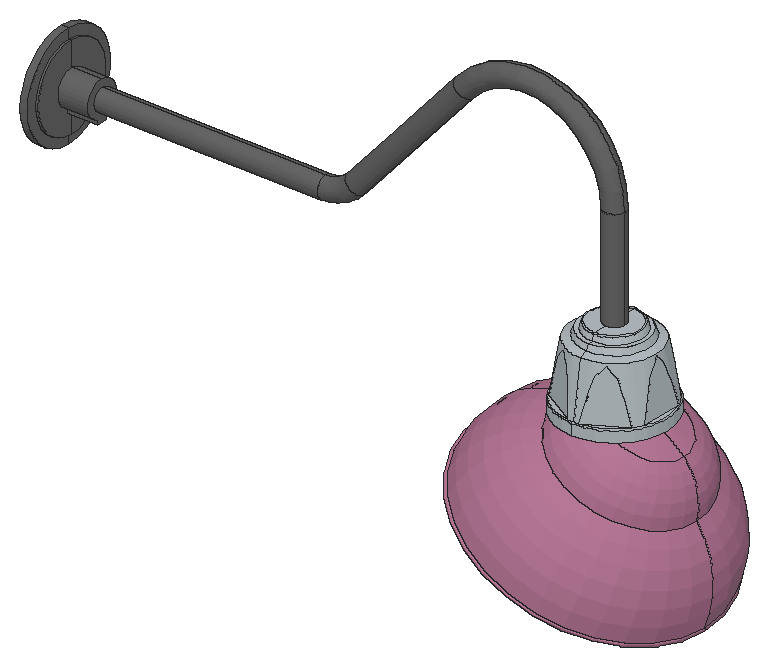
Revit family "Vintage Emblem MU7", category Lighting Fixtures, Revit 2020
Family settings
  Round Connector Dimension = Use Diameter
  Part Type = Normal
  OmniClass Number = 23.80.70.00
  OmniClass Title = Lighting
  Work Plane-Based = No
  Always vertical = Yes
  Cut with Voids When Loaded = No
  Light Source = Yes
  Shared = No
  Room Calculation Point = No
Parameters (values of type "MU712")
  Weight = "3.0 lb"
  Wattage Comments = "200W Max"
  Wattage = 1 W
  Warranty = "5 year limited warranty"  # constant formula
  built-in parameter 1150110 = 1 (stored number, unit not read)
  Voltage = 120 V
  URL = "https://www.anplighting.com/assets/Uploads/product-attachments/specification-sheets/ANP-Specification-Sheet-INC-MU712.pdf"
  built-in parameter 1114217 = 1 (stored number, unit not read)
  Tilt Angle = 90.00°
  built-in parameter 1150109 = 1 (stored number, unit not read)
  built-in parameter 1150134 = 12
  built-in parameter 1150113 = 1 (stored number, unit not read)
  Mounting Option [instance] = 2
  Power Factor = 1
  Post Mount [instance] = Mounting Option = 5  # no
  Placement X axis side [instance] = if(Post Mount, 2' 2 15/32", if(Cord or Stem Mount, 0' 0", if(E36 20 inch, 1' 8 1/4", if(E 6 26 inch, 2' 2", if(E7 41 inch, 3' 5 1/4", 0' 1")))))  # 2' - 2"
  Photometric Web File = "generic.ies"
  Mounting Finish = Putty
  Model = "MU712"
  Manufacturer = "ANP Lighting"  # constant formula
  MU714 = no
  MU712 = yes
  built-in parameter 1150105 = 99.472 (stored number, unit not read)
  Lumens = 1250 lm
  built-in parameter 1150115 = 1 (stored number, unit not read)
  Load Classification = Lighting
  Light Source Height [instance] = 0' - 0 1/2"  # constant formula
  built-in parameter 1150137 = (empty or 0)
  built-in parameter 1150139 = (empty or 0)
  Light Elevation_3 [instance] = 0' - 3"  # constant formula
  Light Elevation _2 [instance] = if(MU712, 0' 11 79/128", if(MU714, 1' 1 21/128", 0' 0"))  # 0' - 11 79/128"
  Light Elevation _1 [instance] = if(Post Mount, 0' 0", if(E7 41 inch, 0' 0", if(E36 20 inch, 0' 1", if(E 6 26 inch, 0' 0.87402", if(Cord or Stem Mount, (0' 3.66142" + Cord Length), 0' 0")))))  # 0' - 0.87402"
  Light Elevation [instance] = if(Post Mount, 14' 0.5315", if(E7 41 inch, 0' 0", 0' 0"))  # 0' - 0"
  Life = "L70 50,000 hours"  # constant formula
  built-in parameter 1150112 = 1 (stored number, unit not read)
  built-in parameter 1150114 = 1 (stored number, unit not read)
  Lamp = "200W MAX INCANDESCENT"
  Inside body material = none
  built-in parameter 1150132 = 2
  built-in parameter 1150102 = (empty or 0)
  built-in parameter 1150107 = 4000 (stored number, unit not read)
  built-in parameter 1150138 = (empty or 0)
  built-in parameter 1150106 = 0.99472 (stored number, unit not read)
  Fixture Height = 1' - 0"
  Fixture Finish = Lilac
  Fixture Diameter = 1' - 0"
  Efficiency = "65-125 lumens per watt"  # constant formula
  built-in parameter 1150104 = 116.13 (stored number, unit not read)
  E7 41 inch [instance] = Mounting Option = 4  # no
  E36 20 inch [instance] = Mounting Option = 3  # no
  E 6 26 inch [instance] = Mounting Option = 2  # yes
  Dimming Lamp Color Temperature Shift = <None>
  Dimming = "1%"  # constant formula
  Description = "120-277 Voltage"  # constant formula
  Default Elevation = 0' - 0"
  Cord or Stem Mount [instance] = Mounting Option = 1  # no
  Cord Length option [instance] = 10
  Cord Length [instance] = if([2' Cord], 2' 0", if([4' Cord], 4' 0", if([8' Cord], 8' 0", if([10' Cord], 10' 0", if([6' Cord], 6' 0", 6' 0")))))  # 10' - 0"
  Construction Material = "Heavy Duty spun aluminum."  # constant formula
  Color Filter = 16777215
  CRI = ">90"  # constant formula
  Body Material = body
  Body Colour = "Spun aluminium"  # constant formula
  built-in parameter 1114218 = 1 (stored number, unit not read)
  built-in parameter 1150133 = 10 (stored number, unit not read)
  Apparent Load = 200 VA
  8' Cord [instance] = Cord Length option = 8  # no
  6' Cord [instance] = Cord Length option = 6  # no
  4' Cord [instance] = Cord Length option = 4  # no
  2' Cord [instance] = Cord Length option = 2  # no
  10' Cord [instance] = Cord Length option = 10  # yes
Types (3): name | Weight | URL | Model | MU714 | MU712 | Light Elevation _2 | Fixture Height | Fixture Diameter
  (no name) | "3.0 lb" | "https://www.anplighting.com/assets/Uploads/product-attachments/specification-sheets/ANP-Specification-Sheet-INC-MU712.pdf" | "MU712" | no | yes | 0' - 11 79/128" | 1' - 0" | 1' - 0"
  MU712 | "3.0 lb" | "https://www.anplighting.com/assets/Uploads/product-attachments/specification-sheets/ANP-Specification-Sheet-INC-MU712.pdf" | "MU712" | no | yes | 0' - 11 79/128" | 1' - 0" | 1' - 0"
  MU714 | "4.0 lb" | "https://www.anplighting.com/assets/Uploads/product-attachments/specification-sheets/ANP-Specification-Sheet-INC-MU714.pdf" | "MU714" | yes | no | 1' - 1 21/128" | 1' - 1" | 1' - 2"
Reference planes (in)
  plane 1 "Light Source Axis (F/B)": y = 0
  plane 2: z = 0
  plane 3 "Light Source Axis (L/R)": x = 0
  plane 4 "Light Source Elevation": z = 0
  plane 5: z = 0
  plane 6: x = 26
  plane 7 "Bulb Position": z = -9.4912
  plane 8 "Canopy Position": z = -0.87402
  plane 9 "IES": z = -9.9912
  plane 10: z = -12.4912
Dimensions and locks (in)
  "Light Elevation": plane 5 to plane 2
  "Placement X axis side": plane 6 to plane 3 "Light Source Axis (L/R)"
  "Light Elevation _1": plane 5 to plane 8 "Canopy Position"
  "Light Source Height": plane 7 "Bulb Position" to plane 9 "IES"
  locked: plane 4 "Light Source Elevation" to plane 2
  "Light Elevation _2": plane 8 "Canopy Position" to plane 10
  "Light Elevation_3": plane 7 "Bulb Position" to plane 10
  aligned and locked: level to plane 2
  aligned and locked: plane 1 "Light Source Axis (F/B)" to nested 5
  aligned and locked: nested 5 to plane 2
  aligned and locked: nested 1 to plane 3 "Light Source Axis (L/R)"
  aligned and locked: plane 3 "Light Source Axis (L/R)" to nested 2
  aligned and locked: plane 3 "Light Source Axis (L/R)" to nested 4
  aligned and locked: nested 3 to plane 5
  aligned and locked: plane 3 "Light Source Axis (L/R)" to nested 3
  aligned and locked: plane 3 "Light Source Axis (L/R)" to nested 5
  aligned and locked: plane 1 "Light Source Axis (F/B)" to nested 2
  aligned and locked: plane 1 "Light Source Axis (F/B)" to nested 1
  aligned and locked: plane 1 "Light Source Axis (F/B)" to nested 4
  aligned and locked: plane 1 "Light Source Axis (F/B)" to nested 3
  aligned and locked: plane 2 to nested 1
  aligned and locked: plane 2 to nested 2
  aligned and locked: nested 4 to plane 2
  aligned and locked: imposter light to plane 9 "IES"
  aligned and locked: plane 6 to imposter light
  aligned and locked: plane 8 "Canopy Position" to nested 6
  aligned and locked: plane 8 "Canopy Position" to nested 7
  aligned and locked: nested 6 to plane 1 "Light Source Axis (F/B)"
  aligned and locked: nested 7 to plane 1 "Light Source Axis (F/B)"
  aligned and locked: nested 6 to plane 6
  aligned and locked: nested 7 to plane 6
Nested families (in)
  nested 1: "CORD OR STEM MOUNT" at (0, 0, -123.67), visible <- "Cord or Stem Mount", Cord or Stem Mount <- "Cord or Stem Mount", Body Material <- "Body Material", Light Elevation <- "Light Elevation", Cord Length <- "Cord Length", 10' Cord <- "10' Cord", 2' Cord <- "2' Cord", 4' Cord <- "4' Cord", 6' Cord <- "6' Cord", 8' Cord <- "8' Cord", type "CORD OR STEM MOUNT"
    with Light Elevation 0' - 0", Cord or Stem Mount no, Cord Length 10' - 0", Body Material body, 8' Cord no, 6' Cord no, 4' Cord no, 2' Cord no, 10' Cord yes
  nested 2: "E6 26 INCH" at (26, 0, 0), visible <- "E 6 26 inch", Chain Length <- "Cord Length", E 6 26 inch <- "E 6 26 inch", Placement X axis side <- "Placement X axis side", Body Material <- "Body Material", Light Elevation <- "Light Elevation", type "E6 26 INCH"
    with Placement X axis side 2' - 2", Light Elevation 0' - 0", E 6 26 inch yes, Chain Length 10' - 0", Body Material body
  nested 3: "E7 41 INCH" at (26, 0, 0), Chain Length <- "Cord Length", visible <- "E7 41 inch", E7 41 inch <- "E7 41 inch", Placement X axis side <- "Placement X axis side", Body Material <- "Body Material", Light Elevation <- "Light Elevation", type "E7 41 INCH"
    with Placement X axis side 2' - 2", Light Elevation 0' - 0", E7 41 inch no, Chain Length 10' - 0", Body Material body
  nested 4: "E36 20 INCH" at (26, 0, 0), visible <- "E36 20 inch", E36 20 inch <- "E36 20 inch", Placement X axis side <- "Placement X axis side", Chain Length <- "Cord Length", Body Material <- "Body Material", Light Elevation <- "Light Elevation", type "E36 20 INCH"
    with Placement X axis side 2' - 2", Light Elevation 0' - 0", E36 20 inch no, Chain Length 10' - 0", Body Material body
  nested 5: "POST MOUNT" at (26, 0, 0), visible <- "Post Mount", Post Mount <- "Post Mount", Placement X axis side <- "Placement X axis side", Chain Length <- "Cord Length", Body Material <- "Body Material", Light Elevation <- "Light Elevation", type "POST MOUNT"
    with Post Mount no, Placement X axis side 2' - 2", Light Elevation 0' - 0", Chain Length 10' - 0", Body Material body
  nested 6: "MU712_1" at (26, 0, -0.87402) x (-1, 0, 0) z (0, 0, 1), MU712 <- "MU712", visible <- "MU712", Fixture Finish <- "Fixture Finish", INSIDE BODY <- "Inside body material", Mounting Finish <- "Mounting Finish", Light Elevation <- "Light Elevation", type "MU712_1"
    with Mounting Finish Putty, MU712 yes, Light Elevation 0' - 0", INSIDE BODY none, Fixture Finish Lilac
  nested 7: "MU714_1" at (26, 0, -0.87402) x (-1, 0, 0) z (0, 0, 1), MU714 <- "MU714", visible <- "MU714", Fixture Finish <- "Fixture Finish", Mounting Finish <- "Mounting Finish", Light Elevation <- "Light Elevation", type "MU714_1"
    with Mounting Finish Putty, MU714 no, Light Elevation 0' - 0", Fixture Finish Lilac
Definition of nested family "E6 26 INCH"
  Parameters (values of type "E6 26 INCH")
    URL = ""
    Placement X axis side [instance] = 2' - 2"
    Model = ""
    Manufacturer = ""
    Light Elevation [instance] = 8' - 4"
    E 6 26 inch [instance] = yes
    Default Elevation = 0' - 0"
    Chain Length [instance] = 0' - 0"
    Body Material [instance] = none
  Reference planes (in)
    plane 1 "Light Source Axis (F/B)": y = 0
    plane 2: z = 0
    plane 3 "Light Source Axis (L/R)": x = 0
    plane 4 "Light Source Elevation": z = 23.125
    plane 5: z = 100
    plane 6: x = -26
    plane 7: z = 99.125
    plane 8: x = -24.12
    plane 9: x = -25.5474
  Forms (in)
    Extrusion 1, void, not visible
      sketch origin (0, 0, 2.38154) x (1, 0, 0) y (0, 0, 1)
        loop
          circle (0, 4.59925) r 0.16583
      from 1.18594 to 1.75
    Extrusion 2, void, not visible
      sketch origin (0, 0, 2.38154) x (0.707107, -0.707107, 0) y (0, 0, 1)
        loop
          circle (0, 4.59925) r 0.16583
      from 1.18594 to 1.75
    Extrusion 3, void, not visible
      sketch origin (0, 0, 2.38154) x (0.707107, 0.707107, 0) y (0, 0, 1)
        loop
          circle (0, 4.59925) r 0.16583
      from 1.18594 to 1.75
    Extrusion 4, void, not visible
      sketch origin (0, 0, 2.38154) x (0, 1, 0) y (0, 0, 1)
        loop
          circle (0, 4.59925) r 0.16583
      from 1.18594 to 1.75
    Extrusion 5, void, not visible
      sketch origin (0, 0, 2.38154) x (-0.707107, 0.707107, 0) y (0, 0, 1)
        loop
          circle (0, 4.59925) r 0.16583
      from 1.18594 to 1.75
    Extrusion 6, void, not visible
      sketch origin (0, 0, 2.38154) x (-1, 0, 0) y (0, 0, 1)
        loop
          circle (0, 4.59925) r 0.20678
      from 1.18594 to 1.75
    Extrusion 7, void, not visible
      sketch origin (0, 0, 2.38154) x (-0.707107, -0.707107, 0) y (0, 0, 1)
        loop
          circle (0, 4.59925) r 0.16583
      from 1.18594 to 1.75
    Extrusion 8, void, not visible
      sketch origin (0, 0, 2.38154) x (0, -1, 0) y (0, 0, 1)
        loop
          circle (0, 4.59925) r 0.16583
      from 1.18594 to 1.75
    Sweep 9, solid, material <- "Body Material", visible <- "E 6 26 inch"
      path origin (-41.25, 0, 168.51693) x (1, 0, 0) y (0, 0, 1)
        loop
          line (17.13, -68.51693) -> (27.68551, -68.51693)
          arc (27.68551, -68.51693) -> (28.47996, -68.34486) -> (29.13202, -67.8595) r 1.92004
          line (29.13202, -67.8595) -> (34.23651, -62.01155)
          arc (34.23651, -62.01155) -> (38.65464, -60.89667) -> (41.25, -64.64193) r 4
          line (41.25, -64.64193) -> (41.25, -69.39193)
      profile origin (-18.84224, 0, 100) x (0, 0, 1) y (0, -1, 0)
        loop
          circle (0, 0) r 0.5
    Revolve 10, solid, material <- "Body Material", visible <- "E 6 26 inch"
      sketch origin (-26, 0, 168.51693) x (1, 0, 0) y (0, 0, 1)
        loop
          line (0, -66.07943) -> (0, -68.51693) -> (1.88, -68.51693) -> (1.88, -67.69272) -> (0.4526, -67.69272) -> (0.4526, -66.54122) -> (0.33125, -66.54122) -> (0.33125, -66.07943) -> (0, -66.07943)
        axis (0, -68.51693) -> (1.88, -68.51693)
      angle from 0 to 360
    Extrusion 11, solid, material <- "Body Material", visible <- "E 6 26 inch"
      sketch origin (-26, 0, 168.51693) x (0, -1, 0) y (0, 0, -1)
        loop
          line (0.25, 68.51693) -> (0.25, 69.51693) -> (-0.25, 69.51693) -> (-0.25, 68.51693) -> (0.25, 68.51693)
      from 0.4526 to 1.88
  Cuts and joins
    joined: Revolve 10, Extrusion 11
  Dimensions and locks (in)
    "Light Elevation": plane 5 to plane 2
    "Placement X axis side": plane 3 "Light Source Axis (L/R)" to plane 6
    locked: plane 5 to plane 7 at 0.875
    Revolve 10 sketch curve to Revolve 10 sketch curve to Revolve 10 sketch curve to plane 6 = 0' - 1.4274" locked, 0' - 0.12135" locked, 0' - 0.33125" locked
    Revolve 10 sketch curve to Revolve 10 sketch curve to Revolve 10 sketch curve to plane 5 = 0' - 0.46179" locked, 0' - 1.1515" locked, 0' - 0 211/256" locked
    locked: Sweep 9 sketch curve to plane 6 at 1.88
    locked: Sweep 9 sketch curve to Sweep 9 sketch curve at 10.55551
    locked: Sweep 9 sketch curve to Sweep 9 sketch curve at 13.56449
    locked: Sweep 9 sketch curve to Sweep 9 sketch curve at 4.75
    locked: plane 9 to plane 6 at 0.4526
    locked: plane 8 to plane 9 at 1.4274
    aligned and locked: level to plane 2
    aligned and locked: Revolve 10 sketch curve to plane 6
    aligned and locked: plane 5 to Revolve 10 sketch curve
    aligned and locked: Revolve 10 sketch curve to plane 5
    aligned and locked: cut or joined group of Revolve 10, Extrusion 11 to plane 9
    aligned and locked: plane 8 to cut or joined group of Revolve 10, Extrusion 11
  Automatic sketch dimensions
    Sweep 9 sketch curve to plane 5 = 0' - 0"
    Sweep 9 sketch curve to Sweep 9 sketch curve = 0' - 4"
    Sweep 9 sketch curve to Sweep 9 sketch curve = 0' - 3.01349"
    plane 5 to Sweep 9 sketch curve = 0' - 0.65743"
    Sweep 9 sketch curve to Sweep 9 sketch curve = 0' - 1.4465"
    Sweep 9 sketch curve to plane 5 = 0' - 0 7/8"
    profile plane to Sweep 9 sketch curve = 0' - 0"
    Sweep 9 sketch curve to profile plane = 0' - 0"
    plane 6 to Revolve 10 sketch curve = 0' - 0.62562"
    Revolve 10 sketch curve to Revolve 10 sketch curve = 0' - 0 1/2"
    Extrusion 11 sketch curve to plane 5 = 0' - 0"
    plane 1 "Light Source Axis (F/B)" to Extrusion 11 sketch curve = 0' - 0 1/4"
    Extrusion 11 sketch curve to plane 1 "Light Source Axis (F/B)" = 0' - 0 1/4"
    plane 5 to Extrusion 11 sketch curve = 0' - 1"
    radius of Sweep 9 sketch curve = 0' - 0 1/2"
Definition of nested family "MU712_1"
  Parameters (values of type "MU712_1")
    Mounting Finish [instance] = none
    MU712 [instance] = yes
    Light Elevation [instance] = 4' - 0"
    INSIDE BODY [instance] = none
    Fixture Finish [instance] = none
    Default Elevation = 0' - 0"
  Reference planes (in)
    plane 1 "Center (Front/Back)": y = 0
    plane 2: z = 0
    plane 3 "Center (Left/Right)": x = 0
    plane 4: z = 48
  Dimensions and locks (in)
    "Light Elevation": plane 4 to plane 2
    aligned and locked: plane 2 to level
    aligned and locked: plane 1 "Center (Front/Back)" to nested 1
    aligned and locked: plane 3 "Center (Left/Right)" to nested 1
    aligned and locked: plane 4 to nested 1
  Nested families (in)
    nested 1: "MU712 Base" at (0, 0, 34.74577), Fixture Finish <- "Fixture Finish", INSIDE BODY <- "INSIDE BODY", Mounting Finish <- "Mounting Finish", visible <- "MU712", type "MU712 Base"
      with Mounting Finish none, MU712 yes, INSIDE BODY none, Fixture Finish none
  Definition of nested family "MU712 Base"
    Parameters (values of type "MU712 Base")
      Mounting Finish [instance] = none
      MU712 [instance] = yes
      INSIDE BODY [instance] = none
      Fixture Finish [instance] = none
      Default Elevation = 0' - 0"
    Reference planes (in)
      plane 1 "Center (Front/Back)": y = 0
      plane 2: z = 0
      plane 3 "Center (Left/Right)": x = 0
      plane 4: through (-4.26014, -180, 1.67427) normal (-0.848, 0, -0.5299)
      plane 5: through (6.2376, -180, 7.03808) normal (0.848, 0, 0.5299)
      plane 6: z = 1.64528
      plane 7: z = 13.25715
    Forms (in)
      Revolve 1, solid, material <- "Fixture Finish", visible <- "MU712"
        sketch origin (69.5339, 0, -41.43351) x (0.891007, 0, 0.45399) y (-0.45399, 0, 0.891007)
          loop
            arc (-38.45124, 77.65359) -> (-39.35322, 77.89397) -> (-40.28369, 77.96858) r 5.18022
            line (-40.28369, 77.96858) -> (-40.28369, 77.87482)
            arc (-40.28369, 77.87482) -> (-39.36957, 77.80165) -> (-38.48345, 77.56554) r 5.08647
            arc (-38.48345, 77.56554) -> (-37.42239, 76.82473) -> (-36.86694, 75.65591) r 2.528
            arc (-36.86694, 75.65591) -> (-35.16869, 74.08012) -> (-34.5645, 71.84358) r 4.19931
            line (-34.5645, 71.84358) -> (-34.47119, 71.84358)
            arc (-34.47119, 71.84358) -> (-34.39307, 71.9217) -> (-34.47119, 71.99983) r 0.07812
            arc (-34.47119, 71.99983) -> (-35.11764, 74.17623) -> (-36.78369, 75.71858) r 4.29306
            arc (-36.78369, 75.71858) -> (-37.36587, 76.9029) -> (-38.45124, 77.65359) r 2.62175
          axis (-40.28369, 71.84358) -> (-40.28369, 77.96858)
        angle from 0 to 360
      Revolve 2, solid, material <- "Mounting Finish", visible <- "MU712"
        sketch origin (0, 11.70542, 2.6102) x (0, 1, 0) y (0, 0, 1)
          loop
            arc (-12.87041, 10.64404) -> (-12.89909, 10.63499) -> (-12.9174, 10.61114) r 0.05
            line (-12.9174, 10.61114) -> (-13.01461, 10.34404) -> (-13.21461, 10.34404) -> (-13.31652, 10.06404) -> (-13.6924, 9.92723) -> (-14.13025, 7.44404) -> (-14.16127, 7.44404)
            arc (-14.16127, 7.44404) -> (-14.1928, 7.42739) -> (-14.20542, 7.39404) r 0.05039
            line (-14.20542, 7.39404) -> (-14.20542, 6.89404) -> (-11.95542, 6.89404) -> (-11.95542, 10.64404) -> (-12.87041, 10.64404)
          axis (-11.70542, 10.64404) -> (-11.70542, 6.89404)
        angle from 0 to 360
      Extrusion 3, void
        sketch origin (11.70542, 0, 2.6102) x (1, 0, 0) y (0, 0, 1)
          loop
            line (-9.24957, 7.44404) -> (-9.24957, 10.19404) -> (-9.7364, 10.19404) -> (-9.4864, 7.44404) -> (-9.24957, 7.44404)
        from -1.03027 to 1.03705
      Extrusion 4, void
        sketch origin (-11.70542, 0.0024, 2.6102) x (-1, 0.000784, 0) y (0, 0, 1)
          loop
            line (-9.24957, 7.44404) -> (-9.24957, 10.19404) -> (-9.7364, 10.19404) -> (-9.4864, 7.44404) -> (-9.24957, 7.44404)
        from -1.03027 to 1.03705
      Extrusion 5, void
        sketch origin (5.85368, 10.13421, 2.6102) x (0.500262, 0.865874, 0) y (0, 0, 1)
          loop
            line (-9.24957, 7.44404) -> (-9.24957, 10.19404) -> (-9.7364, 10.19404) -> (-9.4864, 7.44404) -> (-9.24957, 7.44404)
        from -1.03027 to 1.03705
      Extrusion 6, void
        sketch origin (-5.85996, -10.13543, 2.6102) x (-0.500941, -0.865481, 0) y (0, 0, 1)
          loop
            line (-9.24957, 7.44404) -> (-9.24957, 10.19404) -> (-9.7364, 10.19404) -> (-9.4864, 7.44404) -> (-9.24957, 7.44404)
        from -1.03027 to 1.03705
      Extrusion 7, void
        sketch origin (-5.84989, 10.13882, 2.6102) x (-0.49958, 0.866268, 0) y (0, 0, 1)
          loop
            line (-9.24957, 7.44404) -> (-9.24957, 10.19404) -> (-9.7364, 10.19404) -> (-9.4864, 7.44404) -> (-9.24957, 7.44404)
        from -1.03027 to 1.03705
      Extrusion 8, void
        sketch origin (5.84361, -10.14244, 2.6102) x (0.4989, -0.866659, 0) y (0, 0, 1)
          loop
            line (-9.24957, 7.44404) -> (-9.24957, 10.19404) -> (-9.7364, 10.19404) -> (-9.4864, 7.44404) -> (-9.24957, 7.44404)
        from -1.03027 to 1.03705
      Revolve 9, solid, material <- "INSIDE BODY", visible <- "MU712"
        sketch origin (0, 0, 0) x (1, 0, 0) y (0, 0, 1)
          loop
            line (2.33815, 9.23916) -> (2.33815, 9.13914)
            arc (2.33815, 9.13914) -> (4.4564, 8.57545) -> (5.95994, 6.98042) r 4.00182
            line (5.95994, 6.98042) -> (6.04871, 7.02646)
            arc (6.04871, 7.02646) -> (4.50835, 8.66091) -> (2.33815, 9.23916) r 4.10182
          axis (-0.69484, 7.66607) -> (0.99609, 4.40588)
        angle from 0 to 360
    Cuts and joins
      Extrusion 3, Extrusion 4, Extrusion 5, Extrusion 6, Extrusion 7, Extrusion 8 cuts Revolve 2
    Dimensions and locks (in)
      plane 4 to plane 5 = 0' - 11.74497"
      plane 7 to plane 6 = 0' - 11.61186"
      aligned and locked: plane 2 to level
Definition of nested family "CORD OR STEM MOUNT"
  Parameters (values of type "CORD OR STEM MOUNT")
    URL = ""
    Model = ""
    Manufacturer = ""
    Light Elevation [instance] = 1' - 7.69"
    Default Elevation = 0' - 0"
    Cord or Stem Mount [instance] = yes
    Cord Length [instance] = 6' - 0"
    Body Material [instance] = none
    8' Cord [instance] = no
    6' Cord [instance] = no
    4' Cord [instance] = no
    2' Cord [instance] = no
    10' Cord [instance] = no
  Reference planes (in)
    plane 1 "Light Source Axis (F/B)": y = 0
    plane 2: z = 0
    plane 3 "Light Source Axis (L/R)": x = 0
    plane 4 "Light Source Elevation": z = 23.125
    plane 5: z = 91.69
    plane 6: z = 19.69
  Forms (in)
    Extrusion 1, void, not visible
      sketch origin (0, 0, 2.38154) x (1, 0, 0) y (0, 0, 1)
        loop
          circle (0, 4.59925) r 0.16583
      from 1.18594 to 1.75
    Extrusion 2, void, not visible
      sketch origin (0, 0, 2.38154) x (0.707107, -0.707107, 0) y (0, 0, 1)
        loop
          circle (0, 4.59925) r 0.16583
      from 1.18594 to 1.75
    Extrusion 3, void, not visible
      sketch origin (0, 0, 2.38154) x (0.707107, 0.707107, 0) y (0, 0, 1)
        loop
          circle (0, 4.59925) r 0.16583
      from 1.18594 to 1.75
    Extrusion 4, void, not visible
      sketch origin (0, 0, 2.38154) x (0, 1, 0) y (0, 0, 1)
        loop
          circle (0, 4.59925) r 0.16583
      from 1.18594 to 1.75
    Extrusion 5, void, not visible
      sketch origin (0, 0, 2.38154) x (-0.707107, 0.707107, 0) y (0, 0, 1)
        loop
          circle (0, 4.59925) r 0.16583
      from 1.18594 to 1.75
    Extrusion 6, void, not visible
      sketch origin (0, 0, 2.38154) x (-1, 0, 0) y (0, 0, 1)
        loop
          circle (0, 4.59925) r 0.20678
      from 1.18594 to 1.75
    Extrusion 7, void, not visible
      sketch origin (0, 0, 2.38154) x (-0.707107, -0.707107, 0) y (0, 0, 1)
        loop
          circle (0, 4.59925) r 0.16583
      from 1.18594 to 1.75
    Extrusion 8, void, not visible
      sketch origin (0, 0, 2.38154) x (0, -1, 0) y (0, 0, 1)
        loop
          circle (0, 4.59925) r 0.16583
      from 1.18594 to 1.75
    Revolve 9, solid, material <- "Body Material", visible <- "Cord or Stem Mount"
      sketch origin (0, 0, 174.56698) x (1, 0, 0) y (0, 0, 1)
        loop
          line (2.6875, -79.20698) -> (0, -79.20698) -> (0, -82.87698) -> (0.125, -82.87698) -> (0.125, -82.83698) -> (0.75, -82.83698)
          arc (0.75, -82.83698) -> (0.81694, -82.77004) -> (0.75, -82.7031) r 0.06694
          line (0.75, -82.7031) -> (0.89763, -82.7031) -> (1.00223, -82.5985) -> (1.06587, -82.5985)
          arc (1.06587, -82.5985) -> (1.80099, -82.29401) -> (2.10549, -81.55888) r 1.03962
          line (2.10549, -81.55888) -> (2.10549, -81.03899)
          arc (2.10549, -81.03899) -> (2.12951, -80.981) -> (2.1875, -80.95698) r 0.08201
          line (2.1875, -80.95698) -> (2.1875, -80.70698) -> (2.6875, -80.70698) -> (2.6875, -79.20698)
        axis (0, -79.20698) -> (0, -82.87698)
      angle from 0 to 360
    Revolve 10, solid, material <- "Body Material", visible <- "Cord or Stem Mount"
      sketch origin (0, 0, 0) x (1, 0, 0) y (0, 0, 1)
        loop
          line (0, 91.69) -> (-0.125, 91.69) -> (-0.125, 19.69) -> (0, 19.69) -> (0, 91.69)
        axis (0, 19.69) -> (0, 91.69)
      angle from 0 to 360
  Dimensions and locks (in)
    "Light Elevation": plane 6 to plane 2
    "Cord Length": plane 5 to plane 6
    locked: Revolve 10 sketch curve to Revolve 10 sketch curve at 0.125
    aligned and locked: level to plane 2
    aligned and locked: Revolve 10 sketch curve to plane 3 "Light Source Axis (L/R)"
    aligned and locked: Revolve 10 sketch curve to plane 6
    aligned and locked: Revolve 10 sketch curve to plane 5
    aligned and locked: plane 3 "Light Source Axis (L/R)" to Revolve 10 sketch curve
  Automatic sketch dimensions
    Revolve 9 sketch curve to plane 3 "Light Source Axis (L/R)" = 0' - 0"  (x2)
    Revolve 9 sketch curve to plane 5 = 0' - 0"
    plane 3 "Light Source Axis (L/R)" to Revolve 9 sketch curve = 0' - 0 1/8"
    Revolve 9 sketch curve to plane 5 = 0' - 0.17388"
    Revolve 9 sketch curve to Revolve 9 sketch curve = 0' - 0 5/8"
    Revolve 9 sketch curve to Revolve 9 sketch curve = 0' - 0.14763"
    Revolve 9 sketch curve to plane 5 = 0' - 0.27847"
    Revolve 9 sketch curve to Revolve 9 sketch curve = 0' - 0.1046"
    Revolve 9 sketch curve to Revolve 9 sketch curve = 0' - 0.06364"
    Revolve 9 sketch curve to Revolve 9 sketch curve = 0' - 1.03962"
    Revolve 9 sketch curve to Revolve 9 sketch curve = 0' - 0 21/256"
    Revolve 9 sketch curve to Revolve 9 sketch curve = 0' - 0 1/2"  (x2)
    Revolve 9 sketch curve to Revolve 9 sketch curve = 0' - 0.51989"
    Revolve 9 sketch curve to Revolve 9 sketch curve = 0' - 0 1/4"
    Revolve 9 sketch curve to Revolve 9 sketch curve = 0' - 2.3519"
    Revolve 9 sketch curve to Revolve 9 sketch curve = 0' - 1 1/4"
    Revolve 9 sketch curve to Revolve 9 sketch curve = 0' - 0.04"
    Revolve 10 sketch curve to Revolve 10 sketch curve = 0' - 0 1/2"
    Revolve 10 sketch curve to Revolve 10 sketch curve = 0' - 0.42345"
Definition of nested family "E7 41 INCH"
  Parameters (values of type "E7 41 INCH")
    URL = ""
    Placement X axis side [instance] = 4' - 2"
    Model = ""
    Manufacturer = ""
    Light Elevation [instance] = 8' - 4"
    E7 41 inch [instance] = yes
    Default Elevation = 0' - 0"
    Chain Length [instance] = 0' - 0"
    Body Material [instance] = none
  Reference planes (in)
    plane 1 "Light Source Axis (F/B)": y = 0
    plane 2: z = 0
    plane 3 "Light Source Axis (L/R)": x = 0
    plane 4 "Light Source Elevation": z = 23.125
    plane 5: z = 100
    plane 6: x = -50
  Forms (in)
    Extrusion 1, void, not visible
      sketch origin (0, 0, 2.38154) x (1, 0, 0) y (0, 0, 1)
        loop
          circle (0, 4.59925) r 0.16583
      from 1.18594 to 1.75
    Extrusion 2, void, not visible
      sketch origin (0, 0, 2.38154) x (0.707107, -0.707107, 0) y (0, 0, 1)
        loop
          circle (0, 4.59925) r 0.16583
      from 1.18594 to 1.75
    Extrusion 3, void, not visible
      sketch origin (0, 0, 2.38154) x (0.707107, 0.707107, 0) y (0, 0, 1)
        loop
          circle (0, 4.59925) r 0.16583
      from 1.18594 to 1.75
    Extrusion 4, void, not visible
      sketch origin (0, 0, 2.38154) x (0, 1, 0) y (0, 0, 1)
        loop
          circle (0, 4.59925) r 0.16583
      from 1.18594 to 1.75
    Extrusion 5, void, not visible
      sketch origin (0, 0, 2.38154) x (-0.707107, 0.707107, 0) y (0, 0, 1)
        loop
          circle (0, 4.59925) r 0.16583
      from 1.18594 to 1.75
    Extrusion 6, void, not visible
      sketch origin (0, 0, 2.38154) x (-1, 0, 0) y (0, 0, 1)
        loop
          circle (0, 4.59925) r 0.20678
      from 1.18594 to 1.75
    Extrusion 7, void, not visible
      sketch origin (0, 0, 2.38154) x (-0.707107, -0.707107, 0) y (0, 0, 1)
        loop
          circle (0, 4.59925) r 0.16583
      from 1.18594 to 1.75
    Extrusion 8, void, not visible
      sketch origin (0, 0, 2.38154) x (0, -1, 0) y (0, 0, 1)
        loop
          circle (0, 4.59925) r 0.16583
      from 1.18594 to 1.75
    Revolve 9, solid, material <- "Body Material", visible <- "E7 41 inch"
      sketch origin (-41.25, 0, 168.39193) x (1, 0, 0) y (0, 0, 1)
        loop
          line (-8.75, -66.20443) -> (-8.75, -68.51693) -> (-6.87, -68.51693) -> (-6.87, -67.69272) -> (-8.2974, -67.69272) -> (-8.2974, -66.54122) -> (-8.41875, -66.54122) -> (-8.41875, -66.20443) -> (-8.75, -66.20443)
        axis (-8.75, -68.51693) -> (-6.87, -68.51693)
      angle from 0 to 360
    Extrusion 10, solid, material <- "Body Material", visible <- "E7 41 inch"
      sketch origin (-41.25, 0, 168.39193) x (0, -1, 0) y (0, 0, -1)
        loop
          line (0.25, 68.51693) -> (0.25, 69.51693) -> (-0.25, 69.51693) -> (-0.25, 68.51693) -> (0.25, 68.51693)
      from -8.2974 to -6.87
    Sweep 11, solid, material <- "Body Material", visible <- "E7 41 inch"
      path origin (-41.25, 0, 168.39193) x (1, 0, 0) y (0, 0, 1)
        loop
          line (-6.87, -68.51693) -> (16.04011, -68.51693)
          arc (16.04011, -68.51693) -> (17.864, -68.13651) -> (19.38375, -67.0587) r 4.5625
          line (19.38375, -67.0587) -> (24.70217, -61.33018)
          arc (24.70217, -61.33018) -> (29.64465, -60.20324) -> (32.5, -64.39193) r 4.5
          line (32.5, -64.39193) -> (32.5, -68.39193)
      profile origin (-36.66494, 0, 99.875) x (0, 0, 1) y (0, -1, 0)
        loop
          circle (0, 0) r 0.5
  Dimensions and locks (in)
    "Placement X axis side": plane 3 "Light Source Axis (L/R)" to plane 6
    "Light Elevation": plane 5 to plane 2
    locked: Revolve 9 sketch curve to Revolve 9 sketch curve at 0.33125
    locked: Revolve 9 sketch curve to Revolve 9 sketch curve at 0.4526
    locked: Revolve 9 sketch curve to Revolve 9 sketch curve at 1.88
    locked: Revolve 9 sketch curve to Revolve 9 sketch curve at 0.82421
    locked: Revolve 9 sketch curve to Revolve 9 sketch curve at 1.1515
    locked: Revolve 9 sketch curve to Revolve 9 sketch curve at 0.33679
    locked: plane 5 to Revolve 9 sketch curve at 0.125
    locked: Extrusion 10 sketch curve to Extrusion 10 sketch curve at 0.5
    locked: Extrusion 10 sketch curve to Extrusion 10 sketch curve at 1
    locked: plane 5 to Extrusion 10 sketch curve at 0.125
    locked: plane 5 to Sweep 11 sketch curve at 0.125
    locked: Sweep 11 sketch curve to Sweep 11 sketch curve at 39.37
    locked: Sweep 11 sketch curve to Sweep 11 sketch curve at 4
    locked: plane 6 to Extrusion 10 at 0.4526
    locked: Sweep 11 sketch curve to plane 6 at 1.88
    locked: Extrusion 10 to Extrusion 10 at 1.4274
    aligned and locked: plane 2 to level
    aligned and locked: Revolve 9 sketch curve to plane 6
  Automatic sketch dimensions
    Revolve 9 sketch curve to plane 5 = 0' - 0 1/8"
    plane 6 to Revolve 9 sketch curve = 0' - 0.62562"
    Revolve 9 sketch curve to Revolve 9 sketch curve = 0' - 0 1/2"
    plane 1 "Light Source Axis (F/B)" to Extrusion 10 sketch curve = 0' - 0 1/4"
    Sweep 11 sketch curve to plane 5 = 0' - 0"
    Sweep 11 sketch curve to Sweep 11 sketch curve = 0' - 4 1/2"
    Sweep 11 sketch curve to Sweep 11 sketch curve = 0' - 3.29783"
    plane 5 to Sweep 11 sketch curve = 0' - 1.33323"
    Sweep 11 sketch curve to Sweep 11 sketch curve = 0' - 5.31842"
    Sweep 11 sketch curve to Sweep 11 sketch curve = 0' - 3.34364"
    profile plane to Sweep 11 sketch curve = 0' - 0"
    Sweep 11 sketch curve to profile plane = 0' - 0"
    radius of Sweep 11 sketch curve = 0' - 0 1/2"
Definition of nested family "E36 20 INCH"
  Parameters (values of type "E36 20 INCH")
    URL = ""
    Placement X axis side [instance] = 1' - 8 1/4"
    Model = ""
    Manufacturer = ""
    Light Elevation [instance] = 8' - 4"
    E36 20 inch [instance] = yes
    Default Elevation = 0' - 0"
    Chain Length [instance] = 0' - 0"
    Body Material [instance] = none
  Reference planes (in)
    plane 1 "Light Source Axis (F/B)": y = 0
    plane 2: z = 0
    plane 3 "Light Source Axis (L/R)": x = 0
    plane 4 "Light Source Elevation": z = 23.125
    plane 5: z = 99
    plane 6: x = -20.25
    plane 7: z = 100
    plane 8: x = -18.37008
    plane 9: x = -19.79724
  Forms (in)
    Extrusion 1, void, not visible
      sketch origin (0, 0, 2.38154) x (1, 0, 0) y (0, 0, 1)
        loop
          circle (0, 4.59925) r 0.16583
      from 1.18594 to 1.75
    Extrusion 2, void, not visible
      sketch origin (0, 0, 2.38154) x (0.707107, -0.707107, 0) y (0, 0, 1)
        loop
          circle (0, 4.59925) r 0.16583
      from 1.18594 to 1.75
    Extrusion 3, void, not visible
      sketch origin (0, 0, 2.38154) x (0.707107, 0.707107, 0) y (0, 0, 1)
        loop
          circle (0, 4.59925) r 0.16583
      from 1.18594 to 1.75
    Extrusion 4, void, not visible
      sketch origin (0, 0, 2.38154) x (0, 1, 0) y (0, 0, 1)
        loop
          circle (0, 4.59925) r 0.16583
      from 1.18594 to 1.75
    Extrusion 5, void, not visible
      sketch origin (0, 0, 2.38154) x (-0.707107, 0.707107, 0) y (0, 0, 1)
        loop
          circle (0, 4.59925) r 0.16583
      from 1.18594 to 1.75
    Extrusion 6, void, not visible
      sketch origin (0, 0, 2.38154) x (-1, 0, 0) y (0, 0, 1)
        loop
          circle (0, 4.59925) r 0.20678
      from 1.18594 to 1.75
    Extrusion 7, void, not visible
      sketch origin (0, 0, 2.38154) x (-0.707107, -0.707107, 0) y (0, 0, 1)
        loop
          circle (0, 4.59925) r 0.16583
      from 1.18594 to 1.75
    Extrusion 8, void, not visible
      sketch origin (0, 0, 2.38154) x (0, -1, 0) y (0, 0, 1)
        loop
          circle (0, 4.59925) r 0.16583
      from 1.18594 to 1.75
    Sweep 9, solid, material <- "Body Material", visible <- "E36 20 inch"
      path origin (-41.25, 0, 169.51693) x (1, 0, 0) y (0, 0, 1)
        loop
          line (22.88, -69.51693) -> (28.93827, -69.51693)
          arc (28.93827, -69.51693) -> (29.97705, -69.28152) -> (30.81284, -68.62128) r 2.40953
          line (30.81284, -68.62128) -> (34.13807, -64.50378)
          arc (34.13807, -64.50378) -> (38.58272, -63.24548) -> (41.25, -67.01693) r 4
          line (41.25, -67.01693) -> (41.25, -70.51693)
      profile origin (-15.34086, 0, 100) x (0, 0, 1) y (0, -1, 0)
        loop
          circle (0, 0) r 0.5
    Revolve 10, solid, material <- "Body Material", visible <- "E36 20 inch"
      sketch origin (-20.25, 0, 169.51693) x (1, 0, 0) y (0, 0, 1)
        loop
          line (0, -67.20443) -> (0, -69.51693) -> (1.88, -69.51693) -> (1.88, -68.69272) -> (0.4526, -68.69272) -> (0.4526, -67.54122) -> (0.33125, -67.54122) -> (0.33125, -67.20443) -> (0, -67.20443)
        axis (0, -69.51693) -> (1.88, -69.51693)
      angle from 0 to 360
    Extrusion 11, solid, material <- "Body Material", visible <- "E36 20 inch"
      sketch origin (-20.25, 0, 169.51693) x (0, -1, 0) y (0, 0, -1)
        loop
          line (0.25, 69.51693) -> (0.25, 70.51693) -> (-0.25, 70.51693) -> (-0.25, 69.51693) -> (0.25, 69.51693)
      from 1.87992 to 0.45276
  Cuts and joins
    joined: Revolve 10, Extrusion 11
  Dimensions and locks (in)
    "Light Elevation": plane 7 to plane 2
    "Placement X axis side": plane 3 "Light Source Axis (L/R)" to plane 6
    locked: plane 7 to plane 5 at 1
    Revolve 10 sketch curve to Revolve 10 sketch curve to Revolve 10 sketch curve to plane 7 = 0' - 0.33679" locked, 0' - 1.1515" locked, 0' - 0 211/256" locked
    locked: Sweep 9 sketch curve to plane 6 at 1.88
    locked: Sweep 9 sketch curve to Sweep 9 sketch curve at 6.05827
    locked: Sweep 9 sketch curve to Sweep 9 sketch curve at 12.31173
    locked: Sweep 9 sketch curve to Sweep 9 sketch curve at 3.5
    Revolve 10 sketch curve to Revolve 10 sketch curve to Revolve 10 sketch curve to plane 6 = 0' - 1.4274" locked, 0' - 0.12135" locked, 0' - 0.33125" locked
    locked: plane 9 to plane 6 at 0.45276
    locked: plane 8 to plane 9 at 1.42717
    aligned and locked: level to plane 2
    aligned and locked: plane 7 to Revolve 10 sketch curve
    aligned and locked: Revolve 10 sketch curve to plane 7
    aligned and locked: Revolve 10 sketch curve to plane 6
    aligned and locked: cut or joined group of Revolve 10, Extrusion 11 to plane 9
    aligned and locked: plane 8 to cut or joined group of Revolve 10, Extrusion 11
  Automatic sketch dimensions
    Sweep 9 sketch curve to plane 7 = 0' - 0"
    Sweep 9 sketch curve to plane 5 = 0' - 0"
    Sweep 9 sketch curve to Sweep 9 sketch curve = 0' - 4"
    Sweep 9 sketch curve to plane 7 = 0' - 0.89565"
    Sweep 9 sketch curve to Sweep 9 sketch curve = 0' - 3.32523"
    Sweep 9 sketch curve to Sweep 9 sketch curve = 0' - 1.87457"
    profile plane to Sweep 9 sketch curve = 0' - 0"
    Sweep 9 sketch curve to profile plane = 0' - 0"
    plane 6 to Revolve 10 sketch curve = 0' - 0.62562"
    Revolve 10 sketch curve to Revolve 10 sketch curve = 0' - 0 1/2"
    plane 7 to Extrusion 11 sketch curve = 0' - 0"
    Extrusion 11 sketch curve to plane 5 = 0' - 0"
    plane 1 "Light Source Axis (F/B)" to Extrusion 11 sketch curve = 0' - 0 1/4"
    Extrusion 11 sketch curve to plane 1 "Light Source Axis (F/B)" = 0' - 0 1/4"
    radius of Sweep 9 sketch curve = 0' - 0 1/2"
Definition of nested family "POST MOUNT"
  Parameters (values of type "POST MOUNT")
    URL = ""
    Post Mount [instance] = yes
    Placement X axis side [instance] = 2' - 2 1/2"
    Model = ""
    Manufacturer = ""
    Light Elevation [instance] = 14' - 0.5168"
    Default Elevation = 0' - 0"
    Chain Length [instance] = 0' - 0"
    Body Material [instance] = none
  Reference planes (in)
    plane 1 "Light Source Axis (F/B)": y = 0
    plane 2: z = 0
    plane 3 "Light Source Axis (L/R)": x = 0
    plane 4 "Light Source Elevation": z = 23.125
    plane 5: x = -26.5
    plane 6: z = 168.5168
  Forms (in)
    Extrusion 1, void, not visible
      sketch origin (0, 0, 2.38154) x (1, 0, 0) y (0, 0, 1)
        loop
          circle (0, 4.59925) r 0.16583
      from 1.18594 to 1.75
    Extrusion 2, void, not visible
      sketch origin (0, 0, 2.38154) x (0.707107, -0.707107, 0) y (0, 0, 1)
        loop
          circle (0, 4.59925) r 0.16583
      from 1.18594 to 1.75
    Extrusion 3, void, not visible
      sketch origin (0, 0, 2.38154) x (0.707107, 0.707107, 0) y (0, 0, 1)
        loop
          circle (0, 4.59925) r 0.16583
      from 1.18594 to 1.75
    Extrusion 4, void, not visible
      sketch origin (0, 0, 2.38154) x (0, 1, 0) y (0, 0, 1)
        loop
          circle (0, 4.59925) r 0.16583
      from 1.18594 to 1.75
    Extrusion 5, void, not visible
      sketch origin (0, 0, 2.38154) x (-0.707107, 0.707107, 0) y (0, 0, 1)
        loop
          circle (0, 4.59925) r 0.16583
      from 1.18594 to 1.75
    Extrusion 6, void, not visible
      sketch origin (0, 0, 2.38154) x (-1, 0, 0) y (0, 0, 1)
        loop
          circle (0, 4.59925) r 0.20678
      from 1.18594 to 1.75
    Extrusion 7, void, not visible
      sketch origin (0, 0, 2.38154) x (-0.707107, -0.707107, 0) y (0, 0, 1)
        loop
          circle (0, 4.59925) r 0.16583
      from 1.18594 to 1.75
    Extrusion 8, void, not visible
      sketch origin (0, 0, 2.38154) x (0, -1, 0) y (0, 0, 1)
        loop
          circle (0, 4.59925) r 0.16583
      from 1.18594 to 1.75
    Revolve 9, solid, material <- "Body Material", visible <- "Post Mount"
      sketch origin (-7.90508, 0, 0) x (1, 0, 0) y (0, 0, 1)
        loop
          line (-18.59492, 3.92912) -> (-16.29831, 3.92912) -> (-16.29831, 4.2668) -> (-16.91413, 4.2668) -> (-16.91413, 134.5168) -> (-17.16413, 134.5168) -> (-17.16413, 137.3918) -> (-17.05979, 137.3918)
          arc (-17.05979, 137.3918) -> (-16.93479, 137.5168) -> (-17.05979, 137.6418) r 0.125
          line (-17.05979, 137.6418) -> (-17.48032, 137.6418) -> (-17.48032, 139.0793) -> (-17.73032, 139.0793) -> (-17.73032, 139.5793) -> (-18.59492, 139.5793) -> (-18.59492, 3.92912)
        axis (-18.59492, 139.5793) -> (-18.59492, 3.92912)
      angle from 0 to 360
    Extrusion 10, solid, material <- "Body Material", visible <- "Post Mount"
      sketch origin (0, 0, 0) x (1, 0, 0) y (0, 1, 0)
        loop
          line (-20.5, 5.93079) -> (-32.5, 5.93079) -> (-32.5, -6.06921) -> (-20.5, -6.06921) -> (-20.5, 5.93079)
      from 0 to 3.92912
    Sweep 11, solid, material <- "Body Material", visible <- "Post Mount"
      path origin (0, 0, 48.5) x (1, 0, 0) y (0, 0, 1)
        loop
          line (0, 120.0168) -> (0, 128.0168)
          arc (0, 128.0168) -> (-13.25, 141.2668) -> (-26.5, 128.0168) r 13.25
          line (-26.5, 128.0168) -> (-26.5, 91.0793)
      profile origin (0, 0, 172.5168) x (-1, 0, 0) y (0, -1, 0)
        loop
          circle (0, 0) r 0.5
    Revolve 12, solid, material <- "Body Material", visible <- "Post Mount"
      sketch origin (0, 0, 0) x (1, 0, 0) y (0, 0, 1)
        loop
          line (0, 168.5168) -> (0.75, 168.5168) -> (0.75, 170.7668) -> (0, 170.7668) -> (0, 168.5168)
        axis (0, 170.7668) -> (0, 168.5168)
      angle from 0 to 360
  Cuts and joins
    joined: Revolve 9, Extrusion 10, Sweep 11, Revolve 12
  Dimensions and locks (in)
    "Placement X axis side": plane 3 "Light Source Axis (L/R)" to plane 5
    "Light Elevation": plane 6 to plane 2
    locked: Revolve 12 sketch curve to plane 5 at 26.5  (x2)
    locked: Revolve 9 sketch curve to plane 2 at 3.92912
    locked: Revolve 9 sketch curve to plane 5 at 2.29661
    locked: Revolve 9 sketch curve to plane 5 at 1.68079
    locked: Revolve 9 sketch curve to plane 5 at 1.43079
    locked: Revolve 9 sketch curve to plane 5 at 1.11461
    locked: Revolve 9 sketch curve to plane 5 at 0.86461
    locked: Revolve 9 sketch curve to Revolve 9 sketch curve at 130.58768
    locked: Revolve 9 sketch curve to Revolve 9 sketch curve at 2.875
    locked: Revolve 9 sketch curve to Revolve 9 sketch curve at 0.25
    locked: Revolve 9 sketch curve to Revolve 9 sketch curve at 1.4375
    locked: Revolve 9 sketch curve to Revolve 9 sketch curve at 0.5
    locked: Sweep 11 sketch curve to Sweep 11 sketch curve at 26.5
    locked: Revolve 12 sketch curve to Revolve 12 sketch curve at 0.75
    locked: cut or joined group of Revolve 9, Extrusion 10, Sweep 11, Revolve 12 to plane 2 at 139.5793
    aligned and locked: level to plane 2
    aligned and locked: plane 5 to Sweep 11 sketch curve
    aligned and locked: Revolve 9 sketch curve to plane 5
  Automatic sketch dimensions
    Revolve 9 sketch curve to plane 5 = 0' - 0"
    Revolve 9 sketch curve to Revolve 9 sketch curve = 0' - 0.10434"
    Revolve 9 sketch curve to Revolve 9 sketch curve = 0' - 0.33768"
    Revolve 9 sketch curve to Revolve 9 sketch curve = 0' - 0 1/4"
    Revolve 9 sketch curve to Revolve 9 sketch curve = 0' - 0 7/16"
    Extrusion 10 sketch curve to plane 5 = 0' - 6"
    plane 5 to Extrusion 10 sketch curve = 0' - 6"
    plane 1 "Light Source Axis (F/B)" to Extrusion 10 sketch curve = 0' - 6.06921"
    Extrusion 10 sketch curve to plane 1 "Light Source Axis (F/B)" = 0' - 5.93079"
    Sweep 11 sketch curve to profile plane = 0' - 0"
    profile plane to Sweep 11 sketch curve = 0' - 0"
    Sweep 11 sketch curve to plane 6 = 0' - 0"
    Sweep 11 sketch curve to plane 6 = 0' - 8"
    plane 6 to Sweep 11 sketch curve = 2' - 4 15/16"
    Revolve 12 sketch curve to plane 6 = 0' - 0"
    Revolve 12 sketch curve to plane 6 = 0' - 2 1/4"
    Revolve 12 sketch curve to Revolve 12 sketch curve = 0' - 0 1/2"
    Revolve 12 sketch curve to Revolve 12 sketch curve = 0' - 0"
    radius of Sweep 11 sketch curve = 0' - 0 1/2"
Definition of nested family "MU714_1"
  Parameters (values of type "MU714_1")
    Mounting Finish [instance] = none
    MU714 [instance] = yes
    Light Elevation [instance] = 2' - 0"
    Fixture Finish [instance] = none
    Default Elevation = 0' - 0"
  Reference planes (in)
    plane 1 "Center (Front/Back)": y = 0
    plane 2: z = 0
    plane 3 "Center (Left/Right)": x = 0
    plane 4: z = 24
  Dimensions and locks (in)
    "Light Elevation": plane 4 to plane 2
    aligned and locked: plane 2 to level
    aligned and locked: plane 4 to nested 1
    aligned and locked: plane 1 "Center (Front/Back)" to nested 1
    aligned and locked: plane 3 "Center (Left/Right)" to nested 1
  Nested families (in)
    nested 1: "MU714 Base" at (0, 0, 10.2717), Fixture Finish <- "Fixture Finish", Mounting Finish <- "Mounting Finish", MU714 <- "MU714", visible <- "MU714", type "MU714 Base"
      with Mounting Finish none, MU714 yes, INSIDE BODY none, Fixture Finish none
  Definition of nested family "MU714 Base"
    Parameters (values of type "MU714 Base")
      Mounting Finish [instance] = none
      MU714 [instance] = yes
      INSIDE BODY [instance] = none
      Fixture Finish [instance] = none
      Default Elevation = 0' - 0"
    Reference planes (in)
      plane 1 "Center (Front/Back)": y = 0
      plane 2: z = 0
      plane 3 "Center (Left/Right)": x = 0
    Forms (in)
      Revolve 1, solid, material <- "Fixture Finish", visible <- "MU714"
        sketch origin (10.70614, 0, 1.56189) x (0.898794, 0, 0.438371) y (-0.438371, 0, 0.898794)
          loop
            arc (-5.66285, 12.78413) -> (-6.71546, 13.06466) -> (-7.80132, 13.15172) r 6.04531
            line (-7.80132, 13.15172) -> (-7.80132, 13.05797)
            arc (-7.80132, 13.05797) -> (-6.73231, 12.97243) -> (-5.69601, 12.69643) r 5.95156
            arc (-5.69601, 12.69643) -> (-4.4658, 11.81879) -> (-3.79887, 10.46274) r 3.09013
            arc (-3.79887, 10.46274) -> (-1.81644, 8.61824) -> (-1.11136, 6.00385) r 4.91625
            line (-1.11136, 6.00385) -> (-1.01813, 6.00385)
            arc (-1.01813, 6.00385) -> (-0.92696, 6.09502) -> (-1.01813, 6.18619) r 0.09117
            arc (-1.01813, 6.18619) -> (-1.77253, 8.72605) -> (-3.71682, 10.52597) r 5.01
            arc (-3.71682, 10.52597) -> (-4.40923, 11.89687) -> (-5.66285, 12.78413) r 3.18388
          axis (-7.80132, 6.00385) -> (-7.80132, 13.15172)
        angle from 0 to 360
      Revolve 2, solid, material <- "Mounting Finish", visible <- "MU714"
        sketch origin (0, 11.70542, 3.08427) x (0, 1, 0) y (0, 0, 1)
          loop
            arc (-12.87041, 10.64404) -> (-12.89909, 10.63499) -> (-12.9174, 10.61114) r 0.05
            line (-12.9174, 10.61114) -> (-13.01461, 10.34404) -> (-13.21461, 10.34404) -> (-13.31652, 10.06404) -> (-13.6924, 9.92723) -> (-14.13025, 7.44404) -> (-14.16127, 7.44404)
            arc (-14.16127, 7.44404) -> (-14.1928, 7.42739) -> (-14.20542, 7.39404) r 0.05039
            line (-14.20542, 7.39404) -> (-14.20542, 6.89404) -> (-11.95542, 6.89404) -> (-11.95542, 10.64404) -> (-12.87041, 10.64404)
          axis (-11.70542, 10.64404) -> (-11.70542, 6.89404)
        angle from 0 to 360
      Extrusion 3, void
        sketch origin (11.70542, 0, 3.08427) x (1, 0, 0) y (0, 0, 1)
          loop
            line (-9.24957, 7.44404) -> (-9.24957, 10.19404) -> (-9.7364, 10.19404) -> (-9.4864, 7.44404) -> (-9.24957, 7.44404)
        from -1.03027 to 1.03705
      Extrusion 4, void
        sketch origin (-11.70542, 0.0024, 3.08427) x (-1, 0.000784, 0) y (0, 0, 1)
          loop
            line (-9.24957, 7.44404) -> (-9.24957, 10.19404) -> (-9.7364, 10.19404) -> (-9.4864, 7.44404) -> (-9.24957, 7.44404)
        from -1.03027 to 1.03705
      Extrusion 5, void
        sketch origin (5.85368, 10.13421, 3.08427) x (0.500262, 0.865874, 0) y (0, 0, 1)
          loop
            line (-9.24957, 7.44404) -> (-9.24957, 10.19404) -> (-9.7364, 10.19404) -> (-9.4864, 7.44404) -> (-9.24957, 7.44404)
        from -1.03027 to 1.03705
      Extrusion 6, void
        sketch origin (-5.85996, -10.13543, 3.08427) x (-0.500941, -0.865481, 0) y (0, 0, 1)
          loop
            line (-9.24957, 7.44404) -> (-9.24957, 10.19404) -> (-9.7364, 10.19404) -> (-9.4864, 7.44404) -> (-9.24957, 7.44404)
        from -1.03027 to 1.03705
      Extrusion 7, void
        sketch origin (-5.84989, 10.13882, 3.08427) x (-0.49958, 0.866268, 0) y (0, 0, 1)
          loop
            line (-9.24957, 7.44404) -> (-9.24957, 10.19404) -> (-9.7364, 10.19404) -> (-9.4864, 7.44404) -> (-9.24957, 7.44404)
        from -1.03027 to 1.03705
      Extrusion 8, void
        sketch origin (5.84361, -10.14244, 3.08427) x (0.4989, -0.866659, 0) y (0, 0, 1)
          loop
            line (-9.24957, 7.44404) -> (-9.24957, 10.19404) -> (-9.7364, 10.19404) -> (-9.4864, 7.44404) -> (-9.24957, 7.44404)
        from -1.03027 to 1.03705
    Cuts and joins
      Extrusion 3, Extrusion 4, Extrusion 5, Extrusion 6, Extrusion 7, Extrusion 8 cuts Revolve 2
    Dimensions and locks (in)
      aligned and locked: plane 2 to level
